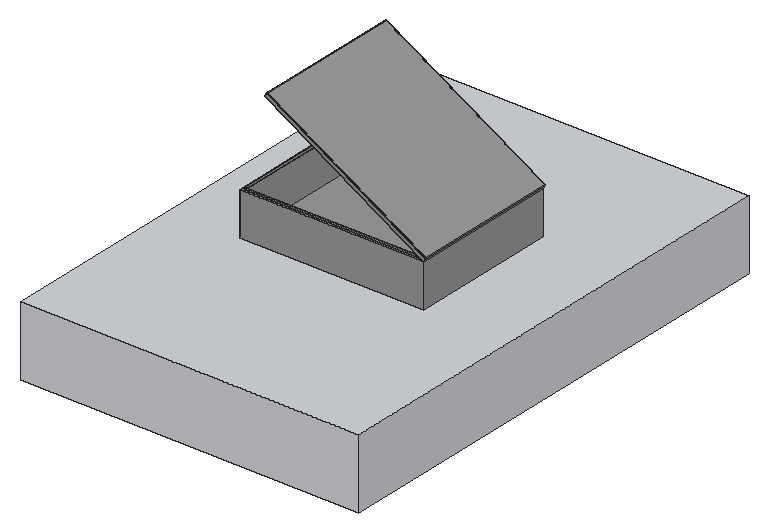
Revit family "Hager-Univers-IP54-D205-H650-Cl.I-Encl-CH-en", category Equipement électrique, Revit 2020
Family settings
  Hôte = Face
  Configuration du panneau = Deux colonnes, circuits au sein
  Cote de connecteur circulaire = Utiliser le diamètre
  Type d'élément = Tableau de raccordement
  Couper avec des vides une fois chargée = Non
  Partagée = Non
  Point de calcul de pièce = Non
Parameters (values of type "Surface mounted (plaster) IP54 W800 H650 D205  - FP43TW2")
  Width Control [instance] = if([EF000008 - Width] > Min Width, [EF000008 - Width], Min Width)  # 800 mm
  Commentaires du type = [HG000003 - Range]  # "Univers"
  Thickness Door [instance] = if([EF009171 - Material plate thickness door/cover] > 3 mm, 3 mm, [EF009171 - Material plate thickness door/cover])  # 1 mm
  Seal Frame Offset [instance] = 17 mm  # constant formula
  Plinth Visibility [instance] = [HG000027 - Plinth height] > 0 mm  # no
  Model = ""
  Min Width [instance] = 100 mm  # constant formula
  Min Height [instance] = 100 mm  # constant formula
  Min Depth [instance] = (2 * [EF009170 - Material plate thickness cabinet]) + 1 mm  # 3 mm
  Internal Frame Depth [instance] = (Door System Depth * 0.5)  # 9 mm
  Height Control [instance] = if([EF000040 - Height] > Min Height, [EF000040 - Height], Min Height)  # 650 mm
  HG000027 - Plinth height = 0 mm
  HG000026 - Floor standing = no
  HG000024 - Bottom section height = 800 mm
  HG000023 - Double section enclosure = no
  HG000016 - Door 3d visibility [instance] = yes
  HG000015 - Clearance visibility [instance] = no
  HG000014 - Door on the right [instance] = yes
  HG000013 - Door on the left [instance] = not([HG000014 - Door on the right])  # no
  HG000012 - Door swing angle [instance] = 30.00°
  HG000010 - Asymmetric doors = no
  HG000009 - Double swing door = no
  HG000006 - Flush mounted = no
  HG000004 - Manufacturer reference = "FP43TW2"
  HG000003 - Range = "Univers"
  HG000002 - With door or cover = yes
  Frame Offset Bottom [instance] = 10 mm  # constant formula
  Frame Offset [instance] = 15 mm  # constant formula
  EF015940 - Cover with overpressure release = no
  EF011959 - Degree of protection (NEMA) = ""
  EF009554 - Number of openings for flange plates = 6
  EF009212 - Cover model = "EV000116 - Closed"
  EF009171 - Material plate thickness door/cover = 1 mm
  EF009170 - Material plate thickness cabinet = 1 mm
  Fabricant = "Hager"  # constant formula
  EF008873 - Nominal current (In) = 250 A
  EF007800 - Suitable for lightning protection = no
  EF006306 - With lock = no
  EF006244 - Transparent cover/door = no
  EF005474 - Degree of protection (IP) = "EV006419 - IP54"
  EF004464 - Type of door = "EV002646 - Single"
  EF004427 - Number of modules = 144
  EF004293 - Impact strength = "EV006815 - IK09"
  EF003532 - Suitable for outdoor use = no
  EF002950 - Width in number of modular spacings = 36
  EF001613 - Circuit integrity = "EV000494 - None"
  EF001596 - Material housing = "EV000179 - Steel"
  EF001131 - Internal depth = 205 mm
  EF001088 - Extension possible = yes
  EF000437 - Number of conduit inlets = 6
  EF000339 - Type of cover = "EV001012 - Cover"
  EF000266 - Number of rows = 4
  EF000218 - Built-in depth = 205 mm
  EF000118 - With mounting plate = no
  EF000116 - RAL-number = "9010"
  EF000049 - Depth = 205 mm
  EF000040 - Height = 650 mm
  EF000008 - Width = 800 mm
  EF000007 - Colour = "EV000202 - White"
  EF000003 - Mounting method = "EV000384 - Surface mounted (plaster)"
  Door System Leaf Tolerance [instance] = 1.5 mm  # constant formula
  Door System Depth [instance] = 18 mm  # constant formula
  Door Height [instance] = Height Control - [HG000027 - Plinth height]  # 650 mm
  Depth Control [instance] = if([EF000049 - Depth] > Min Depth, [EF000049 - Depth], Min Depth)  # 205 mm
  Default Elevation = 0 mm
  Connector Offset [instance] = Height Control / 2  # 325 mm
  Bottom Top Plate Trim [instance] = 1.5 mm  # constant formula
  Plinth height Ctrl [instance] = if([HG000027 - Plinth height] > 0 mm, [HG000027 - Plinth height], 12 mm)  # 12 mm
Types (5, lengths in mm): name | Width Control | HG000004 - Manufacturer reference | EF009554 - Number of openings for flange plates | EF004464 - Type of door | EF004427 - Number of modules | EF002950 - Width in number of modular spacings | EF000437 - Number of conduit inlets | EF000008 - Width
  Surface mounted (plaster) IP54 W1050 H650 D205  - FP44TW2 | 1050 | "FP44TW2" | 8 | "EV003602 - Double" | 192 | 48 | 8 | 1050
  Surface mounted (plaster) IP54 W1300 H650 D205  - FP45TW2 | 1300 | "FP45TW2" | 10 | "EV003602 - Double" | 240 | 60 | 10 | 1300
  Surface mounted (plaster) IP54 W300 H650 D205  - FP41TW2 | 300 | "FP41TW2" | 2 | "EV002646 - Single" | 48 | 12 | 2 | 300
  Surface mounted (plaster) IP54 W550 H650 D205  - FP42TW2 | 550 | "FP42TW2" | 4 | "EV002646 - Single" | 96 | 24 | 4 | 550
  Surface mounted (plaster) IP54 W800 H650 D205  - FP43TW2 | 800 | "FP43TW2" | 6 | "EV002646 - Single" | 144 | 36 | 6 | 800
Reference planes
  plane 1 "Center (Front/Back)": y = 0
  plane 2: z = 0
  plane 3 "Center (Left/Right)": x = 0
  plane 4: z = 205
  plane 5: y = 1
  plane 6: y = 325
  plane 7: y = 0
  plane 8: y = 650
  plane 9: z = 0
  plane 10: x = -385
  plane 11: x = 385
  plane 12: x = 384
  plane 13: x = -384
  plane 14: y = 649
  plane 15: x = -383
  plane 16: x = -400
  plane 17: x = 383
  plane 18: x = 400
  plane 19: x = 399
  plane 20: x = -399
  plane 21: y = 11
  plane 22: y = 650
  plane 23: y = 634
  plane 24: z = 187
  plane 25: z = 1
  plane 26: z = 186
  plane 27: z = 204
Forms (mm)
  Extrusion 1, solid
    sketch origin (0, 0, 0) x (1, 0, 0) y (0, 1, 0)
      loop
        line (-702.964, 1305) -> (-702.964, -811.445) -> (766.763, -811.445) -> (766.763, 1305) -> (-702.964, 1305)
    from 0 to -304.8
  Extrusion 2, solid, material "Hager_Steel_RAL7035_Light_Grey", visible <- "Plinth Visibility", detail levels medium+fine
    sketch origin (0, 0, 0) x (1, 0, 0) y (0, 1, 0)
      loop
        line (-400, 0) -> (400, 0) -> (400, 12) -> (-400, 12) -> (-400, 0)
    from 0 to 187
  Extrusion 3, solid, material "Hager_Steel_RAL7035_Light_Grey", detail levels medium+fine
    sketch origin (0, 0, 0) x (1, 0, 0) y (0, 1, 0)
      loop
        line (-400, 0) -> (400, 0) -> (400, 650) -> (-400, 650) -> (-400, 0)
    from 0 to 187
  Extrusion 4, void
    sketch origin (0, 0, 0) x (1, 0, 0) y (0, 1, 0)
      loop
        line (-399, 1) -> (399, 1) -> (399, 649) -> (-399, 649) -> (-399, 1)
    from 1 to 186
  Extrusion 5, void
    sketch origin (-381.607, -4572, 187) x (0, -1, 0) y (-1, 0, 0)
      loop
        line (-4583, 2.393) -> (-5206, 2.393) -> (-5206, -765.607) -> (-4583, -765.607) -> (-4583, 2.393)
    from 0 to 1 <- "EF009170 - Material plate thickness cabinet"
  Extrusion 6, solid, material "Hager_Steel_RAL7035_Light_Grey", detail levels fine
    sketch origin (0, 0, 187) x (1, 0, 0) y (0, 1, 0)
      loop
        line (-384, 634) -> (-384, 11) -> (384, 11) -> (384, 634) -> (-384, 634)
      loop
        line (-385, 10) -> (385, 10) -> (385, 635) -> (-385, 635) -> (-385, 10)
    from 0 to 9 <- "Internal Frame Depth"
  Extrusion 7, solid, material "Hager_Steel_RAL7035_Light_Grey", detail levels coarse
    sketch origin (0, 0, 0) x (1, 0, 0) y (0, 1, 0)
      loop
        line (-400, 0) -> (400, 0) -> (400, 650) -> (-400, 650) -> (-400, 0)
    from 0 to 205
  Sweep 8, void
    path in 3D
      loop
        line (-400, 12, 0) -> (400, 12, 0) -> (400, 12, 187) -> (-400, 12, 187) -> (-400, 12, 0)
    profile origin (-400, 12, 93.5) x (-1, 0, 0) y (0, -1, 0)
      loop
        line (0, 0) -> (0, 1.5) -> (-1.5, 1.5)
        arc (-1.5, 1.5) -> (-1.061, 0.439) -> (0, 0) r 1.5
Cuts and joins
  Extrusion 4, Extrusion 5 cuts Extrusion 3
  Sweep 8 cuts Extrusion 2
Lines and regions (mm)
  Masking region 1
    outline origin (0, 0, 0) x (1, 0, 0) y (0, 0, 1)
      loop
        line (-400, 205) -> (-400, 0) -> (400, 0) -> (400, 205) -> (-400, 205)
  Masking region 2, detail levels medium+fine
    outline origin (0, 140, 0) x (0, 1, 0) y (0, 0, 1)
      loop
        line (-140, 0) -> (510, 0) -> (510, 187) -> (-140, 187) -> (-140, 0)
  Masking region 3, not visible, detail levels medium+fine
    outline origin (0, 297.922, 0) x (0, 1, 0) y (0, 0, 1)
      loop
        line (38.578, 0) -> (78.578, 0) -> (78.578, 194)
        arc (78.578, 194) -> (75.649, 201.071) -> (68.578, 204) r 10
        line (68.578, 204) -> (38.578, 204) -> (38.578, 0)
  Masking region 4, detail levels coarse
    outline origin (0, 0, 180) x (0, 1, 0) y (0, 0, 1)
      loop
        line (0, -180) -> (650, -180) -> (650, 25) -> (0, 25) -> (0, -180)
  Masking region 5, visible <- "Plinth Visibility", detail levels medium+fine
    outline origin (0, 52.24, 12.345) x (0, 0, -1) y (0, 1, 0)
      loop
        line (10.845, -40.24) -> (-173.155, -40.24)
        arc (-173.155, -40.24) -> (-173.594, -41.301) -> (-174.655, -41.74) r 1.5
        line (-174.655, -41.74) -> (-174.655, -52.24) -> (12.345, -52.24) -> (12.345, -41.74)
        arc (12.345, -41.74) -> (11.285, -41.301) -> (10.845, -40.24) r 1.5
  Masking region 6, detail levels medium+fine
    outline origin (-381.607, -4572, 187) x (-1, 0, 0) y (0, -1, 0)
      loop
        line (18.393, -5222) -> (18.393, -4572) -> (-781.607, -4572) -> (-781.607, -5222) -> (18.393, -5222)
  Masking region 7, visible <- "Plinth Visibility", detail levels medium+fine
    outline origin (-381.607, -4727, 187) x (-1, 0, 0) y (0, -1, 0)
      loop
        arc (16.893, -4739) -> (17.332, -4737.939) -> (18.393, -4737.5) r 1.5
        line (18.393, -4737.5) -> (18.393, -4727) -> (-781.607, -4727) -> (-781.607, -4737.5)
        arc (-781.607, -4737.5) -> (-780.546, -4737.939) -> (-780.107, -4739) r 1.5
        line (-780.107, -4739) -> (16.893, -4739)
  Masking region 8, detail levels coarse
    outline origin (-442.548, -4669.526, 187) x (-1, 0, 0) y (0, -1, 0)
      loop
        line (-42.548, -5319.526) -> (-42.548, -4669.526) -> (-842.548, -4669.526) -> (-842.548, -5319.526) -> (-42.548, -5319.526)
  sketch lines
    curve 1: line (-400, 12, 187) -> (-400, 12, 0)
    curve 2: line (400, 12, 187) -> (-400, 12, 187)
    curve 3: line (400, 12, 187) -> (400, 12, 0)
    curve 4: line (-400, 12, 0) -> (400, 12, 0)
Dimensions and locks
  "Depth Control": plane 4 to Extrusion 1
  "HG000027 - Plinth height": plane 1 "Center (Front/Back)" to plane 7
  "EF009170 - Material plate thickness cabinet": plane 5 to plane 7
  locked: connector elem to plane 3 "Center (Left/Right)"
  equal spacing: plane 8, plane 6, plane 7
  locked: connector elem to plane 6
  "EF009170 - Material plate thickness cabinet": plane 8 to plane 14
  "EF009170 - Material plate thickness cabinet": plane 10 to plane 13
  "EF009170 - Material plate thickness cabinet": plane 12 to plane 11
  "Frame Offset": plane 20 to plane 13
  "Frame Offset": plane 12 to plane 19
  "EF009170 - Material plate thickness cabinet": plane 16 to plane 20
  "EF009170 - Material plate thickness cabinet": plane 19 to plane 18
  "Seal Frame Offset": plane 16 to plane 15
  "Seal Frame Offset": plane 17 to plane 18
  "Frame Offset Bottom": plane 21 to plane 5
  "Frame Offset": plane 14 to plane 23
  equal spacing: plane 16, plane 3 "Center (Left/Right)", plane 18
  "Width Control": plane 16 to plane 18
  "EF009170 - Material plate thickness cabinet": plane 4 to plane 27
  "EF009170 - Material plate thickness cabinet": plane 24 to plane 26
  "EF009170 - Material plate thickness cabinet": plane 25 to level
  "Door System Depth": plane 4 to plane 24
  "Height Control": plane 1 "Center (Front/Back)" to Extrusion 7 sketch curve
  "Height Control": Masking region 4 sketch curve to plane 1 "Center (Front/Back)"
  "Height Control": plane 1 "Center (Front/Back)" to plane 22
  "Bottom Top Plate Trim": profile plane to Sweep 8 sketch curve
  "Bottom Top Plate Trim": Sweep 8 sketch curve to profile plane
  "Plinth height Ctrl": plane 1 "Center (Front/Back)" to Extrusion 2 sketch curve
  "Plinth height Ctrl": Masking region 5 sketch curve to plane 1 "Center (Front/Back)"
  "Plinth height Ctrl": plane 1 "Center (Front/Back)" to Masking region 7 sketch curve
  "Thickness Door": Extrusion 6 sketch curve to Extrusion 6 sketch curve  (x3)
  "Thickness Door": cut or joined group of Extrusion 3, Extrusion 4, Extrusion 5 to Extrusion 6 sketch curve
  radius of Masking region 3 sketch curve = 10 mm
  "Bottom Top Plate Trim": radius of Masking region 5 sketch curve  (x2)
  "Bottom Top Plate Trim": radius of Sweep 8 sketch curve
  "Bottom Top Plate Trim": radius of Masking region 7 sketch curve  (x2)
  aligned and locked: plane 2 to Extrusion 1
  aligned and locked: level to Extrusion 1
  aligned and locked: level to Masking region 1 sketch curve
  aligned and locked: Masking region 1 sketch curve to plane 18
  aligned and locked: Masking region 1 sketch curve to plane 16
  aligned and locked: plane 7 to Masking region 2 sketch curve
  aligned and locked: level to Masking region 3 sketch curve
  aligned and locked: Masking region 3 sketch curve to plane 27
  aligned and locked: level to Masking region 2 sketch curve
  aligned and locked: plane 1 "Center (Front/Back)" to Extrusion 2 sketch curve
  aligned and locked: Extrusion 3 sketch curve to plane 7
  aligned and locked: plane 16 to Extrusion 3 sketch curve
  aligned and locked: plane 18 to Extrusion 3 sketch curve
  aligned and locked: plane 20 to Extrusion 4 sketch curve
  aligned and locked: plane 19 to Extrusion 4 sketch curve
  aligned and locked: Extrusion 4 sketch curve to plane 5
  aligned and locked: Extrusion 4 to plane 25
  aligned and locked: plane 26 to Extrusion 4
  aligned and locked: plane 24 to Extrusion 3
  aligned and locked: Extrusion 5 sketch curve to plane 21
  aligned and locked: Extrusion 5 sketch curve to plane 13
  aligned and locked: Extrusion 5 sketch curve to plane 12
  aligned and locked: plane 18 to Extrusion 7 sketch curve
  aligned and locked: plane 1 "Center (Front/Back)" to Extrusion 7 sketch curve
  aligned and locked: plane 16 to Extrusion 7 sketch curve
  aligned and locked: plane 4 to Extrusion 7
  aligned and locked: Extrusion 7 to level
  aligned and locked: level to Masking region 4 sketch curve
  aligned and locked: Masking region 4 sketch curve to plane 1 "Center (Front/Back)"
  aligned and locked: Masking region 4 sketch curve to plane 4
  aligned and locked: nested 1 to level
  aligned and locked: nested 1 to plane 16
  aligned and locked: plane 8 to Extrusion 3 sketch curve
  aligned and locked: plane 23 to Extrusion 5 sketch curve
  aligned and locked: plane 14 to Extrusion 4 sketch curve
  aligned and locked: Masking region 2 sketch curve to plane 8
  aligned and locked: level to Masking region 5 sketch curve
  aligned and locked: plane 16 to Extrusion 2 sketch curve
  aligned and locked: plane 18 to Extrusion 2 sketch curve
  aligned and locked: Masking region 5 sketch curve to plane 24
  aligned and locked: Masking region 2 sketch curve to plane 24
  aligned and locked: plane 24 to Extrusion 2
  aligned and locked: profile plane to Sweep 8 sketch curve  (x2)
  aligned and locked: Masking region 6 sketch curve to plane 18
  aligned and locked: Masking region 6 sketch curve to plane 22
  aligned and locked: Masking region 6 sketch curve to plane 16
  aligned and locked: plane 8 to plane 22
  aligned and locked: Masking region 6 sketch curve to plane 7
  aligned and locked: Masking region 7 sketch curve to plane 16
  aligned and locked: Masking region 7 sketch curve to plane 1 "Center (Front/Back)"
  aligned and locked: Masking region 7 sketch curve to plane 18
  aligned and locked: Masking region 8 sketch curve to plane 1 "Center (Front/Back)"
  aligned and locked: Masking region 8 sketch curve to plane 18
  aligned and locked: Masking region 8 sketch curve to plane 22
  aligned and locked: Masking region 8 sketch curve to plane 16
  aligned and locked: nested 2 to plane 7
  aligned and locked: plane 3 "Center (Left/Right)" to nested 2
  aligned and locked: nested 2 to plane 24
  aligned and locked: Extrusion 6 sketch curve to cut or joined group of Extrusion 3, Extrusion 4, Extrusion 5  (x4)
Automatic sketch dimensions
  Extrusion 1 sketch curve to Extrusion 1 sketch curve = 1469.727 mm
  Extrusion 1 sketch curve to Extrusion 1 sketch curve = 2116.445 mm
  Masking region 1 sketch curve to plane 4 = 0 mm
  plane 6 to Masking region 3 sketch curve = 11.5 mm
  Masking region 3 sketch curve to Masking region 3 sketch curve = 30 mm
  Masking region 5 sketch curve to plane 1 "Center (Front/Back)" = 0 mm
Nested families
  nested 1: "Hager_Enclosure_Symbol" at (-400, 0, 0) x (1, 0, 0) z (0, -1, 0), Height <- "Depth Control", Width <- "Width Control", type "Hager_Enclosure_Symbol"
    with Width_Ctrl 800 mm, Width 800 mm, Height_Ctrl 205 mm, Height 205 mm, A_Width_Int 13.453 mm, A_Width 161.438 mm, A_Height_Ctrl 179.375 mm, A_Height 179.375 mm
  nested 2: "EC000058_Univers_Door" at (0, 0, 187) x (1, 0, 0) z (0, 1, 0), Leaf_Tolerance <- "Door System Leaf Tolerance", Angle <- "HG000012 - Door swing angle", Door_Depth <- "Door System Depth", Door_Left <- "HG000013 - Door on the left", Transparent <- "EF006244 - Transparent cover/door", Assymetrical <- "HG000010 - Asymmetric doors", Width <- "Width Control", Clearance <- "HG000015 - Clearance visibility", Double <- "HG000009 - Double swing door", 3d_Door <- "HG000016 - Door 3d visibility", Lock_Visibility <- "EF006306 - With lock", Width_Ctrl <- "Width Control", Door_Right <- "HG000014 - Door on the right", Door <- "HG000002 - With door or cover", Height <- "Door Height", Thickness <- "Thickness Door", type "EC000058_Univers_Door", detail levels medium+fine
    with min_wh 3 mm, Width_Ctrl 800 mm, Width 800 mm, Transparent no, Thickness 1 mm, Seal_Material Hager_Rubber, Lock_Visibility no, Lock_Material Hager_Plastic_RAL9005_Jet_Black, Leaf_Width 800 mm, Leaf_Tolerance_External_Sides 0 mm, Leaf_Tolerance 1.5 mm, Leaf_Offset 0 mm, Leaf_Height 647 mm, Leaf_2_Width 800 mm, Leaf_2_Offset 400 mm, Leaf_1_Width 800 mm, Leaf_1_Offset 400 mm, Height_Ctrl 650 mm, Height 650 mm, Glass_Material Hager_Glass, Double_Clearance_Ctrl no, Double no, Door_Right_Ctrl yes, Door_Right yes, Door_Material Hager_Steel_RAL7035_Light_Grey, Door_Left_Ctrl no, Door_Left no, Door_Depth 18 mm, Door yes, Clearance_Material Hager_Clearance, Clearance_Depth 800 mm, Clearance_Ctrl no, Clearance no, Assymetrical no, Angle 30.00°, 3d_Door yes
Connectors
  electrical at (0, 325, 0)
    settings: on plane 9, index 1, voltage 0 V, apparent load 0 VA, apparent load phase1 0 VA, apparent load phase2 0 VA, apparent load phase3 0 VA, power factor 1, load classification "Other", number of poles 1, system type 30, power factor state 1, is connector primary yes, connector utility no, sub classification motor no, connector description ""
Definition of nested family "EC000058_Univers_Door"
  Parameters (values of type "EC000058_Univers_Door")
    min_wh [instance] = (2 * Thickness) + 1 mm  # 11 mm
    Width_Ctrl [instance] = 400 mm
    Width [instance] = 500 mm
    Transparent [instance] = yes
    Thickness [instance] = 5 mm
    Seal_Material [instance] = none
    Lock_Visibility [instance] = yes
    Lock_Material [instance] = none
    Leaf_Width [instance] = if((Width_Ctrl - 2 * Leaf_Tolerance_External_Sides) > 0 mm, (Width_Ctrl - 2 * Leaf_Tolerance_External_Sides), min_wh)  # 400 mm
    Leaf_Tolerance_External_Sides [instance] = 0 mm  # constant formula
    Leaf_Tolerance [instance] = 1.5 mm
    Leaf_Offset [instance] = 0 mm  # constant formula
    Leaf_Height [instance] = if((Height_Ctrl - 2 * Leaf_Tolerance) > 0 mm, (Height_Ctrl - 2 * Leaf_Tolerance), min_wh)  # 497 mm
    Leaf_2_Width [instance] = if(and(and(Double, Assymetrical), Door_Left), (Leaf_Width / 3) - (Leaf_Tolerance / 2), if(and(and(Double, Assymetrical), Door_Right), (Leaf_Width / 3) * 2 - (Leaf_Tolerance / 2), if(and(Double, not(Assymetrical)), (Leaf_Width / 2) - Leaf_Tolerance, Leaf_Width)))  # 400 mm
    Leaf_2_Offset [instance] = if(and(Double, Assymetrical), Leaf_2_Width / 2, if(and(Double, not(Assymetrical)), Leaf_Width / 4, Leaf_Width / 2))  # 200 mm
    Leaf_1_Width [instance] = if(and(and(Double, Assymetrical), Door_Right), (Leaf_Width / 3) - (Leaf_Tolerance / 2), if(and(and(Double, Assymetrical), Door_Left), (Width / 3) * 2 - (Leaf_Tolerance / 2), if(and(Double, not(Assymetrical)), (Leaf_Width / 2) - Leaf_Tolerance, Leaf_Width)))  # 400 mm
    Leaf_1_Offset [instance] = if(and(Double, Assymetrical), Leaf_1_Width / 2, if(and(Double, not(Assymetrical)), Leaf_Width / 4, Leaf_Width / 2))  # 200 mm
    Height_Ctrl [instance] = if(Height > min_wh, Height, min_wh)  # 500 mm
    Height [instance] = 500 mm
    Glass_Material [instance] = none
    Double_Clearance_Ctrl [instance] = and(Double, Clearance)  # no
    Double [instance] = no
    Door_Right_Ctrl [instance] = and(or(Door_Right, Double), Door)  # yes
    Door_Right [instance] = yes
    Door_Material [instance] = none
    Door_Left_Ctrl [instance] = and(or(Door_Left, Double), Door)  # no
    Door_Left [instance] = no
    Door_Depth [instance] = 30 mm
    Door [instance] = yes
    Default Elevation = 1219.2 mm
    Clearance_Material [instance] = none
    Clearance_Depth [instance] = if(Leaf_1_Width > Leaf_2_Width, Leaf_1_Width, Leaf_2_Width)  # 400 mm
    Clearance_Ctrl [instance] = and(not(Double), Clearance)  # yes
    Clearance [instance] = yes
    Assymetrical [instance] = yes
    Angle [instance] = 30.00°
    3d_Door [instance] = yes
  Reference planes
    plane 1 "Center (Front/Back)": y = 0
    plane 2 "Bottom": z = 0
    plane 3 "Center (Left/Right)": x = 0
    plane 4: z = 500
    plane 5: x = -200
    plane 6: x = 200
    plane 7: z = 500
    plane 8: x = -200
    plane 9: z = 0
    plane 10: x = 200
    plane 11: y = 0
    plane 12: z = 1.5
    plane 13: x = -600
    plane 14: y = -400
    plane 15: x = 600
    plane 16: x = 0
    plane 17: x = 0
    plane 18: x = -200
    plane 19: x = 200
    plane 20: z = 498.5
  Forms (mm)
    Extrusion 1, solid, material <- "Clearance_Material", visible <- "Double_Clearance_Ctrl"
      sketch origin (1200, 0, 0) x (1, 0, 0) y (0, 0, -1)
        loop
          line (-1800, -498.5) -> (-600, -498.5) -> (-600, 0) -> (-1800, 0) -> (-1800, -498.5)
      from 0 to -400
  Dimensions and locks
    equal spacing: plane 5, plane 3 "Center (Left/Right)", plane 6
    "Width_Ctrl": plane 5 to plane 6
    "Leaf_Offset": plane 5 to plane 8
    "Leaf_Offset": plane 6 to plane 10
    "Leaf_Offset": plane 9 to level
    "Leaf_Offset": plane 4 to plane 7
    "Height_Ctrl": plane 4 to level
    "Leaf_Tolerance": plane 12 to plane 9
    locked: plane 11 to plane 1 "Center (Front/Back)"
    "Leaf_1_Offset": plane 18 to plane 16
    "Leaf_2_Offset": plane 17 to plane 19
    "Leaf_1_Width": plane 13 to plane 8
    "Leaf_2_Width": plane 10 to plane 15
    "Clearance_Depth": plane 14 to plane 1 "Center (Front/Back)"
    "Leaf_Tolerance_External_Sides": plane 8 to plane 18
    "Leaf_Tolerance_External_Sides": plane 19 to plane 10
    "Leaf_Tolerance": plane 7 to plane 20
    aligned and locked: level to plane 2 "Bottom"
    aligned and locked: nested 1 to plane 16
    aligned and locked: nested 2 to plane 17
    aligned and locked: Extrusion 1 to plane 13
    aligned and locked: plane 15 to Extrusion 1
    aligned and locked: Extrusion 1 to plane 14
    aligned and locked: plane 12 to nested 1
    aligned and locked: nested 2 to plane 12
    aligned and locked: Extrusion 1 to plane 11
    aligned and locked: plane 20 to Extrusion 1
    aligned and locked: nested 2 to plane 11
    aligned and locked: nested 1 to plane 11
  Automatic sketch dimensions
    Extrusion 1 sketch curve to level = 0 mm
    plane 5 to Extrusion 1 sketch curve = 400 mm
    plane 6 to Extrusion 1 sketch curve = 400 mm
    Extrusion 1 sketch curve to plane 4 = 1.5 mm
  Nested families
    nested 1: "EC000058_Univers_Door_Leaf" at (0, 0, 1.5), Width <- "Leaf_1_Width", visible <- "Door_Left_Ctrl", Leaf_Height <- "Leaf_Height", Angle <- "Angle", 3d_Door <- "3d_Door", Transparent <- "Transparent", Clearance Material <- "Clearance_Material", Clearance <- "Clearance_Ctrl", Door_Material <- "Door_Material", Glass_Material <- "Glass_Material", Door_Depth <- "Door_Depth", Lock_Material <- "Lock_Material", Seal_Material <- "Seal_Material", Lock_Visibility <- "Lock_Visibility", Thickness <- "Thickness", type "EC000058_Univers_Door_Leaf"
      with Width 400 mm, Transparent_Glass_Offset 30 mm, Transparent_Ctrl yes, Transparent yes, Thickness 5 mm, Standard no, Seal_Material none, Seal_D2 8 mm, Seal_D1 1 mm, Offset_Internal_Frame 10 mm, Lock_Width 20 mm, Lock_Visibility_3d yes, Lock_Visibility yes, Lock_Thickness_3 3 mm, Lock_Thickness_2 1 mm, Lock_Thickness_1 3 mm, Lock_Radius_Offset_2 16 mm, Lock_Radius_Offset_1 15 mm, Lock_Radius_2 5 mm, Lock_Radius 6 mm, Lock_Offset 5 mm, Lock_Material none, Lock_Height 80 mm, Lock_Cover_Top_Offset_2d 17 mm, Lock_Cover_Height -65 mm, Leaf_Height 497 mm, Internal_Seal_Thickness 8 mm, Internal_Seal_Depth_2 4.5 mm, Internal_Frame_Depth 25 mm, Glass_Thickness -1 mm, Glass_Offset -2 mm, Glass_Material none, Door_Material none, Door_Depth 30 mm, Clearance Material none, Clearance yes, Angle_Ctrl 30.00°, Angle 30.00°, 3d_Door yes
    nested 2: "EC000058_Univers_Door_Leaf" at (0, 0, 1.5) x (-1, 0, 0) z (0, 0, 1), Width <- "Leaf_2_Width", visible <- "Door_Right_Ctrl", Leaf_Height <- "Leaf_Height", Angle <- "Angle", 3d_Door <- "3d_Door", Transparent <- "Transparent", Clearance Material <- "Clearance_Material", Clearance <- "Clearance_Ctrl", Door_Material <- "Door_Material", Glass_Material <- "Glass_Material", Door_Depth <- "Door_Depth", Lock_Material <- "Lock_Material", Seal_Material <- "Seal_Material", Lock_Visibility <- "Lock_Visibility", Thickness <- "Thickness", type "EC000058_Univers_Door_Leaf"
      with Width 400 mm, Transparent_Glass_Offset 30 mm, Transparent_Ctrl yes, Transparent yes, Thickness 5 mm, Standard no, Seal_Material none, Seal_D2 8 mm, Seal_D1 1 mm, Offset_Internal_Frame 10 mm, Lock_Width 20 mm, Lock_Visibility_3d yes, Lock_Visibility yes, Lock_Thickness_3 3 mm, Lock_Thickness_2 1 mm, Lock_Thickness_1 3 mm, Lock_Radius_Offset_2 16 mm, Lock_Radius_Offset_1 15 mm, Lock_Radius_2 5 mm, Lock_Radius 6 mm, Lock_Offset 5 mm, Lock_Material none, Lock_Height 80 mm, Lock_Cover_Top_Offset_2d 17 mm, Lock_Cover_Height -65 mm, Leaf_Height 497 mm, Internal_Seal_Thickness 8 mm, Internal_Seal_Depth_2 4.5 mm, Internal_Frame_Depth 25 mm, Glass_Thickness -1 mm, Glass_Offset -2 mm, Glass_Material none, Door_Material none, Door_Depth 30 mm, Clearance Material none, Clearance yes, Angle_Ctrl 30.00°, Angle 30.00°, 3d_Door yes
  Definition of nested family "EC000058_Univers_Door_Leaf"
    Parameters (values of type "EC000058_Univers_Door_Leaf")
      Width [instance] = 2000 mm
      Transparent_Glass_Offset [instance] = 30 mm
      Transparent_Ctrl [instance] = and(Transparent, [3d_Door])  # yes
      Transparent [instance] = yes
      Thickness [instance] = 5 mm
      Standard [instance] = and(not(Transparent), [3d_Door])  # no
      Seal_Material [instance] = none
      Seal_D2 [instance] = 8 mm  # constant formula
      Seal_D1 [instance] = 1 mm  # constant formula
      Offset_Internal_Frame [instance] = 10 mm  # constant formula
      Lock_Width [instance] = 20 mm  # constant formula
      Lock_Visibility_3d [instance] = and(Lock_Visibility, [3d_Door])  # yes
      Lock_Visibility [instance] = yes
      Lock_Thickness_3 [instance] = 3 mm  # constant formula
      Lock_Thickness_2 [instance] = 1 mm  # constant formula
      Lock_Thickness_1 [instance] = 3 mm  # constant formula
      Lock_Radius_Offset_2 [instance] = Lock_Radius_Offset_1 + 1 mm  # 16 mm
      Lock_Radius_Offset_1 [instance] = 15 mm  # constant formula
      Lock_Radius_2 [instance] = Lock_Radius - 1 mm  # 5 mm
      Lock_Radius [instance] = 6 mm  # constant formula
      Lock_Offset [instance] = 5 mm  # constant formula
      Lock_Material [instance] = none
      Lock_Height [instance] = 80 mm  # constant formula
      Lock_Cover_Top_Offset_2d [instance] = Lock_Radius_Offset_2 + 1 mm  # 17 mm
      Lock_Cover_Height [instance] = -(Lock_Height - Lock_Radius_Offset_1)  # -65 mm
      Leaf_Height [instance] = 2720.336 mm
      Internal_Seal_Thickness [instance] = 8 mm  # constant formula
      Internal_Seal_Depth_2 [instance] = 4.5 mm  # constant formula
      Internal_Frame_Depth [instance] = if(Door_Depth - Thickness > 5 mm, Door_Depth - Thickness, 5 mm)  # 25 mm
      Glass_Thickness [instance] = if(Thickness > 15 mm, Glass_Offset + 10 mm, -1 mm)  # -1 mm
      Glass_Offset [instance] = if(Thickness > 15 mm, -(Thickness + 10 mm) / 2, -2 mm)  # -2 mm
      Glass_Material [instance] = none
      Door_Material [instance] = none
      Door_Depth [instance] = 30 mm
      Default Elevation = 0 mm
      Clearance Material [instance] = none
      Clearance [instance] = yes
      Angle_Ctrl [instance] = if(Angle > 180.00°, 180.00°, Angle)  # 90.00°
      Angle [instance] = 90.00°
      3d_Door [instance] = yes
    Reference planes
      plane 1 "Center (Front/Back)": y = 0
      plane 2: z = 0
      plane 3 "Center (Left/Right)": x = 0
      plane 4: y = 2000
      plane 5: x = -1000
      plane 6: x = 1000
      plane 7: x = -3000
      plane 8: z = 2720.336
      plane 9: z = 30
      plane 10: z = 2690.336
      plane 11: x = 970
      plane 12: x = -970
      plane 13: y = -3
      plane 14: z = 107.833
      plane 15: y = -5
      plane 16: y = -223.314
      plane 17: x = -1000
      plane 18: z = 1360.168
      plane 19: y = 30
    Forms (mm)
      Extrusion 1, solid, material <- "Clearance Material", visible <- "Clearance"
        sketch origin (0, 0, 0) x (1, 0, 0) y (0, 0, 1)
          loop
            line (-3000, 2720.336) -> (-3000, 0) -> (1000, 0) -> (1000, 2720.336) -> (-3000, 2720.336)
        from 0 to -2000
      Extrusion 2, solid, material <- "Door_Material", visible <- "Standard", detail levels medium+fine
        sketch origin (-1000, 0, 0) x (0, 1, 0) y (-1, 0, 0)
          loop
            line (0, 30) -> (0, 25) -> (2000, 25) -> (2000, 30) -> (0, 30)
        from 0 to 2720.336 <- "Leaf_Height"
      Extrusion 3, solid, material <- "Door_Material", visible <- "Transparent_Ctrl", detail levels medium+fine
        sketch origin (-1000, 0, 0) x (0, 1, 0) y (-1, 0, 0)
          loop
            line (0, 25) -> (2000, 25) -> (2000, 30) -> (0, 30) -> (0, 25)
        from 0 to 2720.336 <- "Leaf_Height"
      Extrusion 4, void
        sketch origin (-1025, 2000, 0) x (0, 1, 0) y (0, 0, -1)
          loop
            line (-30, -2690.336) -> (-30, -30) -> (-1970, -30) -> (-1970, -2690.336) -> (-30, -2690.336)
        from 0 to 5 <- "Thickness"
      Sweep 5, solid, material <- "Seal_Material", visible <- "Transparent_Ctrl", detail levels fine
        path in 3D
          loop
            line (-1025, 30, 30) -> (-1025, 30, 2690.336) -> (-1025, 1970, 2690.336) -> (-1025, 1970, 30) -> (-1025, 30, 30)
        profile origin (-1025, 1000, 30) x (1, 0, 0) y (0, 0, 1)
          loop
            line (0, 0) -> (0, -8) -> (1, -8) -> (1, 0) -> (0, 0)
      Extrusion 6, solid, material <- "Glass_Material", visible <- "Transparent_Ctrl", detail levels medium+fine
        sketch origin (-1030, 0, 0) x (0, 1, 0) y (0, 0, -1)
          loop
            line (1970, -2690.336) -> (1970, -30) -> (30, -30) -> (30, -2690.336) -> (1970, -2690.336)
        from -2 <- "Glass_Offset" to -1 <- "Glass_Thickness"
      Extrusion 7, solid, material <- "Door_Material", visible <- "3d_Door", detail levels medium+fine
        sketch origin (-1025, 2000, 0) x (0, -1, 0) y (0, 0, -1)
          loop
            line (0, -2720.336) -> (2000, -2720.336) -> (2000, 0) -> (0, 0) -> (0, -2720.336)
          loop
            line (1995, -5) -> (5, -5) -> (5, -2715.336) -> (1995, -2715.336) -> (1995, -5)
        from 0 to 25 <- "Internal_Frame_Depth"
      Sweep 8, solid, material <- "Seal_Material", visible <- "Transparent_Ctrl", detail levels fine
        path in 3D
          loop
            line (-1025, 0, 0) -> (-1025, 2000, 0) -> (-1025, 2000, 2720.336) -> (-1025, 0, 2720.336) -> (-1025, 0, 0)
        profile origin (-1025, 0, 1360.168) x (1, 0, 0) y (0, 1, 0)
          loop
            line (0, 10) -> (2.975, 10)
            arc (2.975, 10) -> (4.053, 10.447) -> (4.5, 11.525) r 1.525
            line (4.5, 11.525) -> (4.5, 16.527)
            arc (4.5, 16.527) -> (4.069, 17.569) -> (3.027, 18) r 1.473
            line (3.027, 18) -> (0, 18) -> (0, 10)
      Extrusion 9, solid, material <- "Lock_Material", visible <- "Lock_Visibility_3d", detail levels fine
        sketch origin (-1030, 0, 0) x (0, 1, 0) y (0, 0, -1)
          loop
            arc (1993.5, -1400.168) -> (1994.561, -1399.729) -> (1995, -1398.668) r 1.5
            line (1995, -1398.668) -> (1995, -1320.168) -> (1975, -1320.168) -> (1975, -1398.668)
            arc (1975, -1398.668) -> (1975.439, -1399.729) -> (1976.5, -1400.168) r 1.5
            line (1976.5, -1400.168) -> (1993.5, -1400.168)
        from 3 <- "Lock_Thickness_1" to 0
      Blend 10, solid, material <- "Lock_Material", visible <- "Lock_Visibility_3d", detail levels fine
        base sketch origin (-1033, 0, 0) x (0, 1, 0) y (0, 0, -1)
          loop
            line (1975, -1320.168) -> (1975, -1398.668)
            arc (1975, -1398.668) -> (1975.439, -1399.729) -> (1976.5, -1400.168) r 1.5
            line (1976.5, -1400.168) -> (1993.5, -1400.168)
            arc (1993.5, -1400.168) -> (1994.561, -1399.729) -> (1995, -1398.668) r 1.5
            line (1995, -1398.668) -> (1995, -1320.168) -> (1975, -1320.168)
        top sketch origin (-1033, 0, 0) x (0, 1, 0) y (0, 0, -1)
          loop
            line (1976, -1320.168) -> (1976, -1398.668)
            arc (1976, -1398.668) -> (1976.146, -1399.022) -> (1976.5, -1399.168) r 0.5
            line (1976.5, -1399.168) -> (1993.5, -1399.168)
            arc (1993.5, -1399.168) -> (1993.854, -1399.022) -> (1994, -1398.668) r 0.5
            line (1994, -1398.668) -> (1994, -1320.168) -> (1976, -1320.168)
        from 0 to 1 <- "Lock_Thickness_2"
      Blend 11, solid, material <- "Lock_Material", visible <- "Lock_Visibility_3d", detail levels fine
        base sketch origin (-1034, 0, 0) x (0, 1, 0) y (0, 0, -1)
          loop
            line (1978, -1320.168) -> (1978, -1384.168)
            arc (1978, -1384.168) -> (1985, -1391.168) -> (1992, -1384.168) r 7
            line (1992, -1384.168) -> (1992, -1320.168) -> (1978, -1320.168)
        top sketch origin (-1034, 0, 0) x (0, 1, 0) y (0, 0, -1)
          loop
            line (1991, -1320.168) -> (1979, -1320.168) -> (1979, -1383.168)
            arc (1979, -1383.168) -> (1985, -1389.168) -> (1991, -1383.168) r 6
            line (1991, -1383.168) -> (1991, -1320.168)
        from 0 to 3 <- "Lock_Thickness_3"
      Extrusion 12, solid, material <- "Lock_Material", visible <- "Lock_Visibility_3d", detail levels fine
        sketch origin (-1030, 1975, 1320.168) x (1, 0, 0) y (0, -1, 0)
          loop
            line (-7, -19) -> (-7, -1) -> (0, -1) -> (0, 0) -> (-8, 0) -> (-8, -20) -> (0, -20) -> (0, -19) -> (-7, -19)
        from 0 to -65 <- "Lock_Cover_Height"
      Extrusion 13, void
        sketch origin (-1038, 1995, 1320.168) x (-1, 0, 0) y (0, 0, -1)
          loop
            line (-5, -65) -> (0, -65) -> (-5, -60) -> (-5, -65)
        from 0 to 20 <- "Lock_Width"
      Extrusion 14, void
        sketch origin (-1038, 1975, 1320.168) x (0, -1, 0) y (0, 0, -1)
          loop
            circle (-10, -15.995) r 6
          loop
            circle (-10, -15.995) r 5
        from 0 to 2
      Extrusion 15, solid, material <- "Lock_Material", visible <- "Lock_Visibility_3d", detail levels medium
        sketch origin (-1030, 0, 0) x (0, 1, 0) y (0, 0, -1)
          loop
            arc (1993.5, -1400.168) -> (1994.561, -1399.729) -> (1995, -1398.668) r 1.5
            line (1995, -1398.668) -> (1995, -1320.168) -> (1975, -1320.168) -> (1975, -1398.668)
            arc (1975, -1398.668) -> (1975.439, -1399.729) -> (1976.5, -1400.168) r 1.5
            line (1976.5, -1400.168) -> (1993.5, -1400.168)
        from 8 to 0
    Cuts and joins
      Extrusion 4 cuts Extrusion 3
      Extrusion 13, Extrusion 14 cuts Extrusion 9
      Extrusion 14 cuts Blend 11
      Extrusion 13, Extrusion 14 cuts Extrusion 12
      joined: Extrusion 9, Blend 10, Blend 11, Extrusion 12
      Extrusion 14 cuts Extrusion 15
    Lines and regions (mm)
      Masking region 1, visible <- "Lock_Visibility", detail levels fine
        outline origin (0, 0, 0) x (0, 1, 0) y (0, 0, 1)
          loop
            line (30, 1320.168) -> (33, 1320.168) -> (33, 1400.168) -> (30, 1400.168) -> (30, 1320.168)
      Masking region 2, visible <- "Lock_Visibility", detail levels fine
        outline origin (0, 3.143, 0) x (0, 1, 0) y (0, 0, 1)
          loop
            line (29.857, 1354.168) -> (30.857, 1354.168) -> (30.857, 1366.168) -> (29.857, 1366.168) -> (29.857, 1354.168)
      Masking region 3, detail levels medium+fine
        outline origin (0, 0, 0) x (0, 1, 0) y (0, 0, 1)
          loop
            line (0, 0) -> (30, 0) -> (30, 2720.336) -> (0, 2720.336) -> (0, 0)
      Masking region 4, detail levels medium+fine
        outline origin (0, 0, 0) x (1, 0, 0) y (0, 0, 1)
          loop
            line (-1000, 2720.336) -> (-1000, 0) -> (1000, 0) -> (1000, 2720.336) -> (-1000, 2720.336)
      Masking region 5, visible <- "Lock_Visibility", detail levels fine
        outline origin (-47.116, 0, 0) x (1, 0, 0) y (0, 0, 1)
          loop
            arc (1024.616, 1399.168) -> (1023.556, 1398.729) -> (1023.116, 1397.668) r 1.5
            line (1023.116, 1397.668) -> (1023.116, 1320.168) -> (1041.116, 1320.168) -> (1041.116, 1397.668)
            arc (1041.116, 1397.668) -> (1040.677, 1398.729) -> (1039.616, 1399.168) r 1.5
            line (1039.616, 1399.168) -> (1024.616, 1399.168)
      Masking region 6, visible <- "Lock_Visibility", detail levels medium+fine
        outline origin (-25, 0, 0) x (1, 0, 0) y (0, 0, 1)
          loop
            arc (1001.5, 1400.168) -> (1000.439, 1399.729) -> (1000, 1398.668) r 1.5
            line (1000, 1398.668) -> (1000, 1320.168) -> (1020, 1320.168) -> (1020, 1398.668)
            arc (1020, 1398.668) -> (1019.561, 1399.729) -> (1018.5, 1400.168) r 1.5
            line (1018.5, 1400.168) -> (1001.5, 1400.168)
      Masking region 7, visible <- "Lock_Visibility", detail levels fine
        outline origin (-73.735, 0, 0) x (1, 0, 0) y (0, 0, 1)
          loop
            line (1051.735, 1382.168) -> (1065.735, 1382.168) -> (1065.735, 1384.168)
            arc (1065.735, 1384.168) -> (1058.735, 1391.168) -> (1051.735, 1384.168) r 7
            line (1051.735, 1384.168) -> (1051.735, 1382.168)
      Masking region 8, visible <- "Lock_Visibility", detail levels fine
        outline origin (-73.735, 0, 0) x (1, 0, 0) y (0, 0, 1)
          loop
            line (1052.735, 1382.168) -> (1064.735, 1382.168) -> (1064.735, 1383.168)
            arc (1064.735, 1383.168) -> (1058.735, 1389.168) -> (1052.735, 1383.168) r 6
            line (1052.735, 1383.168) -> (1052.735, 1382.168)
      Masking region 9, visible <- "Lock_Visibility", detail levels fine
        outline origin (-25, 0, 0) x (1, 0, 0) y (0, 0, 1)
          loop
            line (1020, 1320.168) -> (1020, 1382.168) -> (1000, 1382.168) -> (1000, 1320.168) -> (1020, 1320.168)
      Masking region 10, detail levels medium+fine
        outline origin (0, 0, 0) x (1, 0, 0) y (0, 0, 1)
          loop
            circle (985, 1335.144) r 6
      Masking region 11, detail levels fine
        outline origin (0, 0, 0) x (1, 0, 0) y (0, 0, 1)
          loop
            circle (985, 1335.144) r 5
      Masking region 12, visible <- "Lock_Visibility", detail levels fine
        outline origin (0, 12.767, 0) x (0, 1, 0) y (0, 0, 1)
          loop
            line (20.233, 1320.168) -> (21.233, 1320.168) -> (21.233, 1399.168) -> (20.233, 1400.168) -> (20.233, 1320.168)
      Masking region 13, visible <- "Lock_Visibility", detail levels fine
        outline origin (0, 13.767, -10) x (0, 1, 0) y (0, 0, 1)
          loop
            line (20.233, 1330.168) -> (23.233, 1330.168) -> (23.233, 1399.168) -> (20.233, 1402.168) -> (20.233, 1330.168)
      Masking region 14, visible <- "Lock_Visibility", detail levels fine
        outline origin (0, 12.767, -10) x (0, 1, 0) y (0, 0, 1)
          loop
            line (20.233, 1330.168) -> (25.233, 1330.168) -> (25.233, 1399.305) -> (20.233, 1394.305) -> (20.233, 1330.168)
      Masking region 15, visible <- "Lock_Visibility", detail levels medium
        outline origin (0, 0, 0) x (0, 1, 0) y (0, 0, 1)
          loop
            line (30, 1320.168) -> (38, 1320.168) -> (38, 1400.168) -> (30, 1400.168) -> (30, 1320.168)
      Masking region 16, visible <- "Lock_Visibility", detail levels fine
        outline origin (-1000, 0, 0) x (0, 1, 0) y (-1, 0, 0)
          loop
            line (1975, 30) -> (1995, 30) -> (1995, 38) -> (1975, 38) -> (1975, 30)
          loop
            line (1979, 37) -> (1976, 37) -> (1976, 34) -> (1978, 34) -> (1979, 37)
          loop
            line (1994, 37) -> (1991, 37) -> (1992, 34) -> (1994, 34) -> (1994, 37)
      Masking region 17, visible <- "Lock_Visibility", detail levels medium
        outline origin (-1000, 0, 0) x (0, 1, 0) y (-1, 0, 0)
          loop
            line (1975, 30) -> (1995, 30) -> (1995, 38) -> (1975, 38) -> (1975, 30)
      symbolic lines
        curve 1: line (1000, 0, 0) -> (-3000, 0, 0)
        curve 2: arc (1000, 0, 0) -> (-1000, 2000, 0) -> (-3000, 0, 0) r 2000
        curve 4: line (-1030, 0, 0) -> (-1030, 2000, 0)
      reference lines
        curve 3: line (-1000, 0, 0) -> (-1000, 2000, 0)
      symbolic lines, detail levels medium+fine
        curve 5: line (-1030, 2000, 0) -> (-1025, 2000, 0)
        curve 7: line (-1025, 0, 0) -> (-1030, 0, 0)
        curve 8: line (-1025, 0, 0) -> (-1000, 0, 0)
        curve 9: line (-1000, 0, 0) -> (-1000, 2000, 0)
        curve 10: line (-1000, 2000, 0) -> (-1025, 2000, 0)
      symbolic lines, detail levels fine
        curve 6: line (-1025, 2000, 0) -> (-1025, 0, 0)
      sketch lines
        curve 11: line (-1025, 0, 2720.336) -> (-1025, 0, 0)
        curve 12: line (-1025, 2000, 0) -> (-1025, 0, 0)
        curve 13: line (-1025, 2000, 2720.336) -> (-1025, 2000, 0)
        curve 14: line (-1025, 0, 2720.336) -> (-1025, 2000, 2720.336)
        curve 15: line (-1025, 1970, 30) -> (-1025, 30, 30)
        curve 16: line (-1025, 30, 30) -> (-1025, 30, 2690.336)
        curve 17: line (-1025, 1970, 2690.336) -> (-1025, 1970, 30)
        curve 18: line (-1025, 30, 2690.336) -> (-1025, 1970, 2690.336)
      symbolic lines, visible <- "Transparent", detail levels medium+fine
        curve 19: line (-970, 0, 2690.336) -> (970, 0, 2690.336)
        curve 20: line (-970, 0, 30) -> (-970, 0, 2690.336)
        curve 21: line (970, 0, 30) -> (-970, 0, 30)
        curve 22: line (970, 0, 2690.336) -> (970, 0, 30)
    Dimensions and locks
      "Width": plane 1 "Center (Front/Back)" to plane 4
      equal spacing: plane 5, plane 3 "Center (Left/Right)", plane 6
      "Width": plane 5 to plane 6
      "Width": plane 7 to plane 5
      "Leaf_Height": plane 8 to level
      "Width": curve 5 to curve 3
      "Width": curve 3 to curve 3
      plane 8 to plane 10 = 30 mm
      plane 9 to level = 30 mm
      plane 12 to plane 5 = 30 mm
      plane 6 to plane 11 = 30 mm
      Extrusion 1 to Extrusion 4 sketch curve = 30 mm
      "Transparent_Glass_Offset": curve 3 to Extrusion 4 sketch curve
      "Transparent_Glass_Offset": Extrusion 4 sketch curve to cut or joined group of Extrusion 3, Extrusion 4  (x2)
      cut or joined group of Extrusion 3, Extrusion 4 to Extrusion 6 sketch curve = 30 mm
      "Transparent_Glass_Offset": cut or joined group of Extrusion 3, Extrusion 4 to Extrusion 4 sketch curve
      "Thickness": curve 6 to curve 4
      "Thickness": Extrusion 7 sketch curve to Extrusion 7 sketch curve  (x4)
      "Door_Depth": curve 4 to curve 3
      "Offset_Internal_Frame": profile plane to Sweep 8 sketch curve
      "Internal_Seal_Thickness": Sweep 8 sketch curve to Sweep 8 sketch curve
      "Internal_Seal_Depth_2": profile plane to Sweep 8 sketch curve
      "Seal_D1": profile plane to Sweep 5 sketch curve
      "Seal_D2": profile plane to Sweep 5 sketch curve
      "Thickness": Extrusion 2 sketch curve to Extrusion 2 sketch curve
      equal spacing: Extrusion 9 sketch curve, plane 18, Extrusion 9 sketch curve  (x2)
      equal spacing: Masking region 1 sketch curve, plane 18, Masking region 1 sketch curve
      "Lock_Height": Masking region 1 sketch curve to Masking region 1 sketch curve
      "Lock_Radius": Masking region 2 sketch curve to plane 18 to Masking region 2 sketch curve
      Masking region 2 sketch curve to Masking region 1 = 1 mm
      "Door_Depth": plane 19 to plane 1 "Center (Front/Back)"
      "Lock_Thickness_1": Masking region 1 sketch curve to plane 19
      "Lock_Width": Extrusion 9 sketch curve to Extrusion 9 sketch curve
      "Lock_Height": Extrusion 9 sketch curve to Extrusion 9 sketch curve
      "Lock_Offset": cut or joined group of Extrusion 3, Extrusion 4 to Extrusion 9 sketch curve
      equal spacing: plane 8, plane 18, level
      "Lock_Radius_Offset_1": Blend 11 sketch curve to Blend 10
      locked: Blend 10 to Blend 11 sketch curve at 2  (x2)
      locked: var sketch to Blend 11 sketch curve at 1  (x2)
      "Lock_Radius_Offset_2": Blend 11 sketch curve to Blend 10
      locked: Extrusion 12 sketch curve to Extrusion 12 sketch curve at 1  (x3)
      Masking region 6 sketch curve to Masking region 6 sketch curve = 80 mm
      "Lock_Height": Masking region 6 sketch curve to Masking region 6 sketch curve
      "Lock_Width": Masking region 6 sketch curve to Masking region 6 sketch curve
      locked: Masking region 6 to Masking region 5 sketch curve at 1  (x3)
      locked: Masking region 5 to Masking region 7 sketch curve at 2  (x2)
      "Lock_Radius_Offset_1": Masking region 5 to Masking region 7 sketch curve
      "Lock_Radius_Offset_2": Masking region 5 to Masking region 8 sketch curve
      locked: Masking region 7 to Masking region 8 sketch curve at 1  (x2)
      "Lock_Cover_Top_Offset_2d": Masking region 5 to Masking region 9 sketch curve
      equal spacing: Masking region 9, Masking region 10 sketch curve, Masking region 9
      equal spacing: Masking region 9, Masking region 11 sketch curve, Masking region 9
      Extrusion 15 sketch curve to Extrusion 15 sketch curve = 80 mm
      "Lock_Width": Extrusion 15 sketch curve to Extrusion 15 sketch curve
      "Lock_Height": Extrusion 15 sketch curve to Extrusion 15 sketch curve
      equal spacing: Extrusion 15 sketch curve, plane 18, Extrusion 15 sketch curve
      "Lock_Thickness_3": Masking region 13 sketch curve to Masking region 13 sketch curve
      "Lock_Height": Masking region 12 sketch curve to Masking region 12 sketch curve
      locked: Masking region 13 sketch curve to Masking region 1 at 8
      locked: Masking region 14 sketch curve to Masking region 13 at 1
      locked: Masking region 14 sketch curve to Masking region 1 at 10.863
      "Lock_Height": Masking region 15 sketch curve to Masking region 15 sketch curve
      "Lock_Offset": Extrusion 15 sketch curve to cut or joined group of Extrusion 3, Extrusion 4
      "Lock_Offset": plane 6 to Masking region 6 sketch curve
      radius of Sweep 8 sketch curve = 1.525 mm
      radius of Sweep 8 sketch curve = 1.473 mm
      radius of Extrusion 9 sketch curve = 1.5 mm  (x2)
      "Lock_Radius": radius of Extrusion 14 sketch curve
      "Lock_Radius_2": radius of Extrusion 14 sketch curve
      "Lock_Radius": radius of Masking region 10 sketch curve
      "Lock_Radius_2": radius of Masking region 11 sketch curve
      radius of Extrusion 15 sketch curve = 1.5 mm  (x2)
      "Angle_Ctrl": angle plane 1 "Center (Front/Back)" to curve 3
      locked: Masking region 12 sketch curve to Masking region 12 sketch curve (angle 45.00°)
      locked: Masking region 13 sketch curve to Masking region 13 sketch curve (angle 45.00°)
      locked: Masking region 14 sketch curve to Masking region 14 sketch curve (angle 45.00°)
      aligned and locked: level to plane 2
      aligned and locked: Extrusion 1 to curve 1
      aligned and locked: plane 6 to Extrusion 1
      aligned and locked: Extrusion 1 to plane 1 "Center (Front/Back)"
      aligned and locked: plane 4 to Extrusion 1
      aligned and locked: plane 8 to Extrusion 1
      aligned and locked: curve 7 to Extrusion 2 sketch curve
      aligned and locked: curve 5 to Extrusion 2 sketch curve
      aligned and locked: curve 7 to Extrusion 3 sketch curve
      aligned and locked: Extrusion 3 sketch curve to curve 4
      aligned and locked: Extrusion 3 sketch curve to curve 6
      aligned and locked: Extrusion 3 sketch curve to curve 5
      aligned and locked: curve 9 to curve 3
      aligned and locked: Extrusion 7 sketch curve to cut or joined group of Extrusion 3, Extrusion 4  (x4)
      aligned and locked: plane 17 to curve 3
      aligned and locked: plane 1 "Center (Front/Back)" to curve 3
      aligned and locked: plane 17 to plane 5
      aligned and locked: Sweep 8 sketch curve to profile plane
      aligned and locked: Sweep 5 sketch curve to profile plane  (x2)
      aligned and locked: Masking region 1 to Masking region 2 sketch curve
      aligned and locked: plane 19 to Masking region 1 sketch curve
      aligned and locked: plane 1 "Center (Front/Back)" to Masking region 3 sketch curve
      aligned and locked: plane 19 to Masking region 3 sketch curve
      aligned and locked: level to Masking region 3 sketch curve
      aligned and locked: Masking region 3 sketch curve to plane 8
      aligned and locked: plane 17 to Masking region 4 sketch curve
      aligned and locked: level to Masking region 4 sketch curve
      aligned and locked: Masking region 4 sketch curve to plane 8
      aligned and locked: plane 12 to curve 20
      aligned and locked: plane 10 to curve 19
      aligned and locked: plane 11 to curve 22
      aligned and locked: curve 21 to plane 9
      aligned and locked: Extrusion 2 sketch curve to cut or joined group of Extrusion 3, Extrusion 4
      aligned and locked: Blend 10 sketch curve to Extrusion 9  (x4)
      aligned and locked: Extrusion 9 to Blend 10 sketch curve
      aligned and locked: Blend 10 to Blend 11 sketch curve
      aligned and locked: Extrusion 12 sketch curve to Blend 11
      aligned and locked: Extrusion 12 sketch curve to Extrusion 9  (x4)
      aligned and locked: Masking region 5 sketch curve to Masking region 6
      aligned and locked: Masking region 9 sketch curve to Masking region 6  (x3)
      aligned and locked: Masking region 12 sketch curve to Masking region 1
      aligned and locked: Masking region 13 sketch curve to Masking region 1
      aligned and locked: Masking region 12 to Masking region 14
      aligned and locked: Masking region 14 sketch curve to Masking region 1
      aligned and locked: Masking region 15 sketch curve to Masking region 14
      aligned and locked: Masking region 13 sketch curve to Masking region 12
      aligned and locked: Masking region 16 sketch curve to cut or joined group of Extrusion 14, Extrusion 15  (x4)
      aligned and locked: Masking region 16 sketch curve to cut or joined group of Extrusion 9, Blend 10, Blend 11, Extrusion 12, Extrusion 13, Extrusion 14  (x6)
      aligned and locked: cut or joined group of Extrusion 9, Blend 10, Blend 11, Extrusion 12, Extrusion 13, Extrusion 14 to Masking region 16 sketch curve
      aligned and locked: Masking region 17 sketch curve to cut or joined group of Extrusion 14, Extrusion 15  (x3)
      aligned and locked: Masking region 17 sketch curve to cut or joined group of Extrusion 9, Blend 10, Blend 11, Extrusion 12, Extrusion 13, Extrusion 14
      aligned and locked: Masking region 9 to Masking region 8 sketch curve
      aligned and locked: Masking region 9 to Masking region 7 sketch curve
    Automatic sketch dimensions
      plane 1 "Center (Front/Back)" to curve 2 = 0 mm
      curve 2 to plane 5 = 0 mm
      Extrusion 1 sketch curve to level = 0 mm
      Extrusion 1 sketch curve to plane 7 = 0 mm
      Extrusion 1 sketch curve to plane 6 = 0 mm
      Extrusion 1 sketch curve to plane 8 = 0 mm
      Extrusion 3 to Extrusion 6 sketch curve = 30 mm  (x4)
      Masking region 4 sketch curve to plane 6 = 0 mm
      Blend 10 sketch curve to Extrusion 9 = 1.5 mm
      Blend 10 sketch curve to Extrusion 9 = 1 mm
      Extrusion 13 sketch curve to Extrusion 12 = 0 mm  (x2)
      Extrusion 12 to Extrusion 13 sketch curve = 3 mm
      Extrusion 13 sketch curve to Extrusion 12 = 5 mm
      Extrusion 14 sketch curve to Extrusion 14 sketch curve = 0 mm  (x2)
      Extrusion 14 sketch curve to Extrusion 12 = 10 mm
      Extrusion 14 sketch curve to Extrusion 12 = 15.995 mm
      Masking region 5 sketch curve to Masking region 5 sketch curve = 1.5 mm  (x2)
      Masking region 10 sketch curve to plane 18 = 25.024 mm
      Masking region 11 sketch curve to plane 18 = 25.024 mm
      plane 19 to Masking region 14 sketch curve = 3 mm
      Masking region 16 sketch curve to Masking region 16 sketch curve = 3 mm
      curve 4 to curve 3 = 0 mm
      Blend 10 to Blend 11 sketch curve = 0 mm
      Masking region 6 sketch curve to Masking region 6 sketch curve = 1.5 mm  (x2)
      Masking region 6 sketch curve to plane 18 = 40 mm
      plane 19 to Masking region 12 sketch curve = 3 mm
      Masking region 12 sketch curve to Masking region 12 sketch curve = 1 mm
      Masking region 15 sketch curve to plane 19 = 0 mm
      Masking region 15 sketch curve to plane 18 = 40 mm
      radius of Blend 10 sketch curve to Extrusion 9 = 1 mm
Definition of nested family "Hager_Enclosure_Symbol"
  Parameters (values of type "Hager_Enclosure_Symbol")
    Width_Ctrl [instance] = if(Width > 1 mm, Width, 1 mm)  # 102.27 mm
    Width [instance] = 102.27 mm
    Height_Ctrl [instance] = if(Height > 1 mm, Height, 1 mm)  # 66.5 mm
    A_Width_Int [instance] = if(A_Width / 12 > 2 mm, A_Width / 12, 2 mm)  # 4.364 mm
    A_Width [instance] = if(A_Height_Ctrl * 0.9 > 2 mm, A_Height_Ctrl * 0.9, 2 mm)  # 52.369 mm
    A_Height_Ctrl [instance] = if(A_Height > 2 mm, A_Height, 2 mm)  # 58.188 mm
    Height [instance] = 66.5 mm
    A_Height [instance] = Height - (Height / 8)  # 58.188 mm
  Reference planes
    plane 1 "Centre (avant/arrière)": y = 0
    plane 2: z = 0
    plane 3 "Centre (gauche/droite)": x = 0
    plane 4: x = 52.369
    plane 5: y = 33.042
    plane 6: y = 41.77
    plane 7: y = 66.5
    plane 8: x = 26.184
    plane 9: y = 37.406
    plane 10: x = 102.27
    plane 11: y = 66.5
    plane 12: y = 8.313
  Lines and regions (mm)
    Filled region 1, type "Solid_Black", in view "Niveau de réf."
      outline origin (0, 0, 0) x (1, 0, 0) y (0, 1, 0)
        loop
          line (52.369, 66.5) -> (33.188, 54.536) -> (45.365, 45.006) -> (52.369, 66.5)
    Filled region 2, type "Solid_Black", in view "Niveau de réf."
      outline origin (0, 0, 0) x (1, 0, 0) y (0, 1, 0)
        loop
          line (0, 0) -> (102.27, 0) -> (102.27, 66.5) -> (0, 0)
    detail lines, in view "Niveau de réf."
      curve 1: line (0, 8.313, 0) -> (26.184, 41.77, 0)
      curve 2: line (26.184, 41.77, 0) -> (26.184, 33.042, 0)
      curve 3: line (26.184, 33.042, 0) -> (52.369, 66.5, 0)
  Dimensions and locks
    "A_Width": plane 3 "Centre (gauche/droite)" to plane 4
    equal spacing: plane 3 "Centre (gauche/droite)", plane 8, plane 4
    equal spacing: plane 6, plane 9, plane 5
    equal spacing: curve 3, Filled region 1 sketch curve, Filled region 1 sketch curve
    "Height_Ctrl": plane 1 "Centre (avant/arrière)" to plane 11
    "A_Height_Ctrl": plane 11 to plane 12
    equal spacing: plane 11, plane 9, plane 12
    "A_Width_Int": plane 6 to plane 9
    "Width_Ctrl": plane 3 "Centre (gauche/droite)" to plane 10
    angle Filled region 1 sketch curve to curve 3 = 20.00°
    angle curve 3 to Filled region 1 sketch curve = 20.00°
    locked: curve 3 to Filled region 1 sketch curve (angle 90.00°)
    aligned and locked: plane 10 to Filled region 2
    aligned and locked: plane 11 to Filled region 2 sketch curve
    aligned and locked: plane 10 to Filled region 2 sketch curve
    aligned and locked: plane 3 "Centre (gauche/droite)" to curve 1
    aligned and locked: plane 12 to curve 1
    aligned and locked: plane 7 to plane 11
  Automatic sketch dimensions
    Filled region 1 sketch curve to plane 4 = 0 mm
    Filled region 1 sketch curve to plane 7 = 0 mm
    plane 1 "Centre (avant/arrière)" to Filled region 2 sketch curve = 0 mm
    Filled region 2 sketch curve to plane 3 "Centre (gauche/droite)" = 0 mm
    curve 2 to plane 6 = 0 mm
    curve 2 to plane 8 = 0 mm
    curve 3 to plane 4 = 0 mm
    curve 2 to plane 5 = 0 mm
    curve 3 to plane 7 = 0 mm
